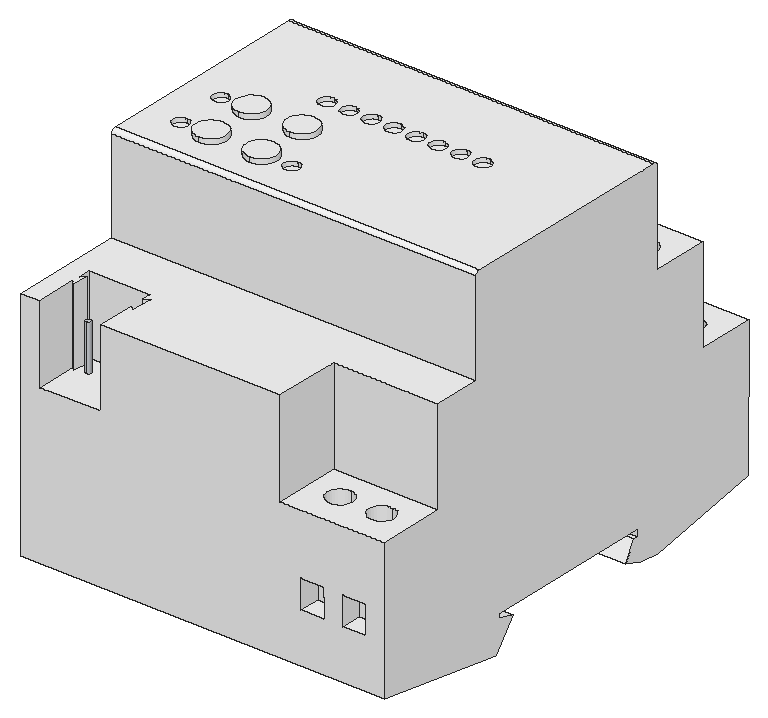
Revit family "Gira_216200", category Electrical Fixtures, host Face, Revit 2017
Family settings
  Host = Face
  Maintain Annotation Orientation = No
  Round Connector Dimension = Use Diameter
  Part Type = Normal
  Cut with Voids When Loaded = No
  Shared = No
  Room Calculation Point = No
Parameters (values of type "Room act. KNX DRA")
  With switch function = yes
  Ventilschutzfunktion = no
  URL = "https://www.gira.de/"
  Type of voltage (input voltage) = ""
  Type Comments = ""
  Suitable for C-load = no
  Rated current [Ampere] = 0
  Output voltage [Volt] = ""
  Output current [Ampere] = ""
  Number of outputs = 0
  Number of inputs = 0
  Number of binary inputs = 0
  Model = ""
  Max. switching current [Ampere] = 2300
  Max. number of venetian-blind outputs = 0
  Max. number of switching contacts = 0
  Manufacturer = "Gira"
  Handschaltung = no
  Local operation/hand operation = no
  LED controlling = no
  Keynote = ""
  Input voltage [Volt] = ""
  HeinzeBIM = "https://www.heinze.de/bim/room-act-knx-dra/a7ec78d93201e89a0426071e1eb0df07dd7cfba7"
  HAN = "216200"
  GTIN = "4010337059370"
  Verschiedene Phasen anschließbar = no
  Description = "Room act.DRA KNX KNX room actuator,DRA plus Features: - The room actuator controls three functions simultaneously in one device, such as lighting, blind and heating. The four relay outputs can be set either for blind operation or alternatively for switching operation in the ETS (Engineering Tool Software). Mixed operation is also possible. - Two switching outputs make one blind output. - In addition, there are two further electronic switching outputs for the control of servos. Switching operation: - The room actuator with its relay contacts controls electrical devices such as lighting systems. The relay contacts have flip-flop contacts, so that the last set switching condition remains unchanged even if the power supply fails. - Functional properties for each output: a wide spectrum of time functions, logical links, scenes, block functions or restraints, extended feedback, cyclical monitoring of incoming switching telegrams and an elapsed operating time meter. Blind operation: - The room actuator uses its relay contacts to control electrically operated blinds, shutters, awnings, ventilation flaps,or similar hangings with a mains voltage of AC 230 V. - Functional properties for each output channel: separately parameterisable movement times, extended feedback functions, assignments of up to 5 various safety functions, a comprehensive solar protection function and the integrating in scenes or restraints. Room temperature control: - Two further electronic switching outputs are used for silent operation of electro thermic servos for heating or cooling systems. - Continuous correcting variable telegrams are implemented in a pulse width modulated output signal (PWM). With this the servos can be continuously controlled. Alternatively, implementing switching correcting variables is also possible. Status message for the valve position and cyclical monitoring of correcting variable telegrams. - Emergency mode in case of bus voltage failure or bus mains voltage recovery plus forced setting via bus telegram for summer and winter mode. - An alarm is triggered in case of short circuit or overload of the switching output and position protection for the valves. De-energised closed or open valve drives can be connected - Monitoring of mains voltage supply, and in cases of malfunction, the transmission of an alarm message on the bus. - Group messages all valves closed\" and \"largest correcting variable\".,Notes : - VDE approval in accordance with EN 60669-1, EN 60669-2-1. - Installation on DIN top-hat rail.\""
  Default Elevation = 1219.2 mm
  Cost = 0
  Stellgröße schaltend = no
  Stellgröße stetig = no
  Bus connection included = no
  BIMSITE_PRODUCT_ID = "a7ec78d93201e89a0426071e1eb0df07dd7cfba7"
  BIM = "https://media.live.bim.site/t/eyJhbGciOiJIUzI1NiIsInR5cCI6IkpXVCJ9.eyJjdCI6MSwidGYiOiJwdWJsaWMvZ2lyYS8wOWY1ZGI1L1JFRyA4Zi5yZmEiLCJjaWQiOiJmZWQ5OGU5YS0xYmQ4LTRjNjgtYTczYi03NGE5NGUzMTU4MjMiLCJyaWQiOiIyZWYyNWY1ZTA4MjBiMzA3OTMxYTcyMmZkOWRiYjAxNCIsInBpZCI6ImE3ZWM3OGQ5MzIwMWU4OWEwNDI2MDcxZTFlYjBkZjA3ZGQ3Y2ZiYTciLCJzaWQiOiI2MzQ3MCIsInV0Ijo1LCJsYyI6ImVuIiwiaWF0IjoxNjA3NDM3NTE4LCJpc3MiOiJodHRwczovL2FwaS5saXZlLmJpbS5zaXRlIiwic3ViIjoiOGQzYWE1Y2ItZTA2Ni00NTk4LWJlMTYtNmUxNmVlNzQ5NTZhIn0.cwJj9RXRTmg7p-UeOtVgcSBOwPpf4AWeGtF6YTSsn98/REG 8f.rfa"
  Assembly Code = ""
Reference planes
  plane 1 "Center (Front/Back)": y = 0
  plane 2: z = 0
  plane 3 "Center (Left/Right)": x = 0
Forms (mm)
  Extrusion 1, solid, material "White", detail levels fine
    sketch origin (0, 0, 0) x (0, 1, 0) y (0, 0, 1)
      loop
        line (45.125, -2.619) -> (45.125, 24.95) -> (33.875, 24.95) -> (33.875, 43.8) -> (22.575, 43.8) -> (22.575, 62.05)
        arc (22.575, 62.05) -> (22.311, 62.686) -> (21.675, 62.95) r 0.9
        line (21.675, 62.95) -> (-21.175, 62.95)
        arc (-21.175, 62.95) -> (-21.785, 62.758) -> (-22.175, 62.25) r 1.064
        line (-22.175, 62.25) -> (-22.175, 43.8) -> (-44.725, 43.8) -> (-44.725, -2.619)
        arc (-44.725, -2.619) -> (-31.081, -5.433) -> (-17.243, -7.049) r 160
        line (-17.243, -7.049) -> (-13.165, -1.734) -> (-16.399, -0.807) -> (-16.399, 0) -> (17.8, 0) -> (17.8, -1.4) -> (16.8, -1.4) -> (14.749, -4.952)
        arc (14.749, -4.952) -> (18.64, -6.184) -> (22.7, -6.6) r 20
        arc (22.7, -6.6) -> (33.983, -5.009) -> (45.125, -2.619) r 160
    from -36 to 36
  Extrusion 2, void, detail levels fine
    sketch origin (0, 0, 0) x (1, 0, 0) y (0, 1, 0)
      loop
        circle (30, 26.925) r 2.55
      loop
        circle (21.75, 26.925) r 2.55
      loop
        circle (12.75, 26.925) r 2.55
      loop
        circle (4.5, 26.925) r 2.55
      loop
        circle (-4.5, 26.925) r 2.55
      loop
        circle (-12.75, 26.925) r 2.55
      loop
        circle (-21.75, 26.925) r 2.55
      loop
        circle (-30, 26.925) r 2.55
    from 37.936 to 43.8
  Extrusion 3, void, detail levels fine
    sketch origin (0, 11.25, -18.85) x (1, 0, 0) y (0, 1, 0)
      loop
        circle (30, 26.925) r 2.55
      loop
        circle (21.75, 26.925) r 2.55
      loop
        circle (12.75, 26.925) r 2.55
      loop
        circle (4.5, 26.925) r 2.55
      loop
        circle (-4.5, 26.925) r 2.55
      loop
        circle (-12.75, 26.925) r 2.55
      loop
        circle (-21.75, 26.925) r 2.55
      loop
        circle (-30, 26.925) r 2.55
    from 37.936 to 43.8
  Extrusion 4, void, detail levels fine
    sketch origin (0, 0, 0) x (1, 0, 0) y (0, 1, 0)
      loop
        circle (-13, -3.875) r 3
      loop
        circle (-23, -3.875) r 3
      loop
        circle (-23, -13.875) r 3
      loop
        circle (-13, -13.875) r 3
      loop
        circle (-29, -3.875) r 1.575
      loop
        circle (-29, -13.875) r 1.575
      loop
        circle (-7, -13.875) r 1.575
      loop
        circle (-15.4, 5.325) r 1.625
      loop
        circle (-11, 5.325) r 1.575
      loop
        circle (-6.6, 5.325) r 1.625
      loop
        circle (-2.2, 5.325) r 1.625
      loop
        circle (2.2, 5.325) r 1.625
      loop
        circle (6.6, 5.325) r 1.625
      loop
        circle (11, 5.325) r 1.575
      loop
        circle (15.4, 5.325) r 1.625
    from 58.253 to 62.95
  Extrusion 5, void, detail levels fine
    sketch origin (0, 0, 0) x (1, 0, 0) y (0, 1, 0)
      loop
        line (-32.175, -32.6) -> (-32.175, -34.9) -> (-31.24, -34.36) -> (-31.401, -37.165) -> (-32.175, -36.7) -> (-32.175, -44.875) -> (-20.175, -44.875) -> (-20.175, -37.33) -> (-19.075, -37.965) -> (-19.075, -33.635) -> (-20.175, -34.27) -> (-20.175, -32.6) -> (-32.175, -32.6)
    from 28.5 to 43.8
  Extrusion 6, solid, detail levels fine
    sketch origin (0, 0, 0) x (1, 0, 0) y (0, 1, 0)
      loop
        circle (-29.375, -36.2) r 0.5
      loop
        circle (-23.575, -36.2) r 0.5
    from 28.5 to 37.5
  Extrusion 7, void, detail levels fine
    sketch origin (0, 0, 0) x (1, 0, 0) y (0, 1, 0)
      loop
        line (15.289, -31.489) -> (15.289, -44.875) -> (36, -44.875) -> (36, -31.489) -> (15.289, -31.489)
    from 25 to 43.8
  Extrusion 8, void, detail levels fine
    sketch origin (0, 0, 0) x (1, 0, 0) y (0, 1, 0)
      loop
        circle (21.75, -37.925) r 2.55
      loop
        circle (30, -37.925) r 2.55
    from 19.086 to 24.95
  Extrusion 9, void, detail levels fine
    sketch origin (0, 0, 0) x (1, 0, 0) y (0, 0, 1)
      loop
        line (32.368, 26.75) -> (32.35, 28.865) -> (32.319, 32.45) -> (27.731, 32.45) -> (27.682, 26.75) -> (32.368, 26.75)
      loop
        line (24.118, 26.75) -> (24.1, 28.865) -> (24.069, 32.45) -> (19.481, 32.45) -> (19.432, 26.75) -> (24.118, 26.75)
      loop
        line (15.118, 26.75) -> (15.1, 28.865) -> (15.069, 32.45) -> (10.481, 32.45) -> (10.432, 26.75) -> (15.118, 26.75)
      loop
        line (6.868, 26.75) -> (6.85, 28.865) -> (6.819, 32.45) -> (2.231, 32.45) -> (2.182, 26.75) -> (6.868, 26.75)
      loop
        line (-2.182, 26.75) -> (-2.2, 28.865) -> (-2.231, 32.45) -> (-6.819, 32.45) -> (-6.868, 26.75) -> (-2.182, 26.75)
      loop
        line (-10.432, 26.75) -> (-10.45, 28.865) -> (-10.481, 32.45) -> (-15.069, 32.45) -> (-15.118, 26.75) -> (-10.432, 26.75)
      loop
        line (-19.35, 26.75) -> (-19.369, 28.865) -> (-19.4, 32.45) -> (-23.987, 32.45) -> (-24.037, 26.75) -> (-19.35, 26.75)
      loop
        line (-27.682, 26.75) -> (-27.7, 28.865) -> (-27.731, 32.45) -> (-32.319, 32.45) -> (-32.368, 26.75) -> (-27.682, 26.75)
    from -29.206 to -33.875
  Extrusion 10, void, detail levels fine
    sketch origin (0, 11.25, -19.567) x (1, 0, 0) y (0, 0, 1)
      loop
        line (32.368, 26.75) -> (32.35, 28.865) -> (32.319, 32.45) -> (27.731, 32.45) -> (27.682, 26.75) -> (32.368, 26.75)
      loop
        line (24.118, 26.75) -> (24.1, 28.865) -> (24.069, 32.45) -> (19.481, 32.45) -> (19.432, 26.75) -> (24.118, 26.75)
      loop
        line (15.118, 26.75) -> (15.1, 28.865) -> (15.069, 32.45) -> (10.481, 32.45) -> (10.432, 26.75) -> (15.118, 26.75)
      loop
        line (6.868, 26.75) -> (6.85, 28.865) -> (6.819, 32.45) -> (2.231, 32.45) -> (2.182, 26.75) -> (6.868, 26.75)
      loop
        line (-2.182, 26.75) -> (-2.2, 28.865) -> (-2.231, 32.45) -> (-6.819, 32.45) -> (-6.868, 26.75) -> (-2.182, 26.75)
      loop
        line (-10.432, 26.75) -> (-10.45, 28.865) -> (-10.481, 32.45) -> (-15.069, 32.45) -> (-15.118, 26.75) -> (-10.432, 26.75)
      loop
        line (-19.35, 26.75) -> (-19.369, 28.865) -> (-19.4, 32.45) -> (-23.987, 32.45) -> (-24.037, 26.75) -> (-19.35, 26.75)
      loop
        line (-27.682, 26.75) -> (-27.7, 28.865) -> (-27.731, 32.45) -> (-32.319, 32.45) -> (-32.368, 26.75) -> (-27.682, 26.75)
    from -29.206 to -33.875
  Extrusion 11, void, detail levels fine
    sketch origin (0, 0, 0) x (1, 0, 0) y (0, 0, 1)
      loop
        line (32.319, 12.883) -> (27.731, 12.883) -> (27.682, 7.183) -> (32.368, 7.183) -> (32.35, 9.298) -> (32.319, 12.883)
      loop
        line (24.069, 12.883) -> (19.481, 12.883) -> (19.432, 7.183) -> (24.118, 7.183) -> (24.1, 9.298) -> (24.069, 12.883)
    from 40.588 to 44.725
  Extrusion 12, solid, material "White", detail levels fine
    sketch origin (0, 0, 0) x (1, 0, 0) y (0, 1, 0)
      loop
        circle (-15.4, 5.325) r 1.625
      loop
        circle (-11, 5.325) r 1.575
      loop
        circle (-6.6, 5.325) r 1.625
      loop
        circle (-2.2, 5.325) r 1.625
      loop
        circle (2.2, 5.325) r 1.625
      loop
        circle (6.6, 5.325) r 1.625
      loop
        circle (11, 5.325) r 1.575
      loop
        circle (15.4, 5.325) r 1.625
      loop
        circle (-29, -3.875) r 1.575
      loop
        circle (-29, -13.875) r 1.575
      loop
        circle (-7, -13.875) r 1.575
    from 58.253 to 62.25
  Extrusion 13, solid, material "White", detail levels fine
    sketch origin (0, 0, 0) x (1, 0, 0) y (0, 1, 0)
      loop
        circle (-23, -3.875) r 3
      loop
        circle (-13, -3.875) r 3
      loop
        circle (-23, -13.875) r 3
      loop
        circle (-13, -13.875) r 3
    from 58.253 to 63.841
  Extrusion 14, solid, material "White", detail levels medium
    sketch origin (0, 0, 0) x (0, 1, 0) y (0, 0, 1)
      loop
        line (45.125, -7.049) -> (45.125, 24.95) -> (33.875, 24.95) -> (33.875, 43.8) -> (22.575, 43.8) -> (22.575, 63.841) -> (-22.175, 63.841) -> (-22.175, 43.8) -> (-44.725, 43.8) -> (-44.725, -7.049) -> (45.125, -7.049)
    from -36 to 36
  Extrusion 15, solid, material "White", detail levels coarse
    sketch origin (0, 0, 0) x (0, 1, 0) y (0, 0, 1)
      loop
        line (45.125, -7.049) -> (45.125, 63.841) -> (-44.725, 63.841) -> (-44.725, -7.049) -> (45.125, -7.049)
    from -36 to 36
Cuts and joins
  Extrusion 2, Extrusion 3, Extrusion 4, Extrusion 5, Extrusion 7, Extrusion 8, Extrusion 9, Extrusion 10, Extrusion 11 cuts Extrusion 1
Dimensions and locks
  aligned and locked: plane 2 to host face
  aligned and locked: level to host face
